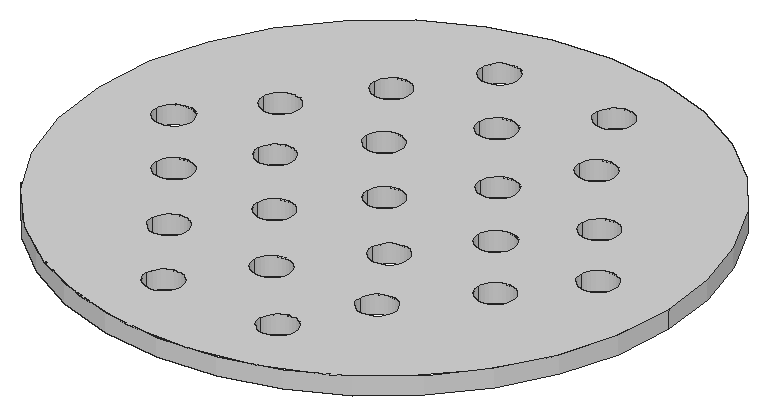
Revit family
Parameters
  Drain Material [instance] = Default
Reference planes (in)
  plane 1 "Center (Front/Back)": y = 0
  plane 2: z = 0
  plane 3 "Center (Left/Right)": x = 0
Forms (in)
  Extrusion 1, solid, material "Default" <- "Drain Material"
    sketch origin (0, 0, 0) x (1, 0, 0) y (0, 1, 0)
      loop
        circle (0, 0) r 2
      loop
        circle (-1.47864, 0) r 0.125
      loop
        circle (0, 0) r 0.125
      loop
        circle (1.50285, 0) r 0.125
      loop
        circle (0.78464, 0) r 0.125
      loop
        circle (-0.76646, 0) r 0.125
      loop
        circle (-1.10445, -0.46842) r 0.125
      loop
        circle (-0.38731, -0.48157) r 0.125
      loop
        circle (0.41648, -0.47553) r 0.125
      loop
        circle (1.14676, -0.45743) r 0.125
      loop
        circle (-0.73132, -0.97647) r 0.125
      loop
        circle (0, -0.98854) r 0.125
      loop
        circle (0.72106, -0.9644) r 0.125
      loop
        circle (-0.37027, -1.47634) r 0.125
      loop
        circle (0.43458, -1.47741) r 0.125
      loop
        circle (-1.10445, 0.46842) r 0.125
      loop
        circle (-0.38731, 0.48157) r 0.125
      loop
        circle (0.41648, 0.47553) r 0.125
      loop
        circle (1.14676, 0.45743) r 0.125
      loop
        circle (-0.73132, 0.97647) r 0.125
      loop
        circle (0, 0.98854) r 0.125
      loop
        circle (0.72106, 0.9644) r 0.125
      loop
        circle (-0.37027, 1.47634) r 0.125
      loop
        circle (0.43458, 1.47741) r 0.125
    from 0 to 0.125
